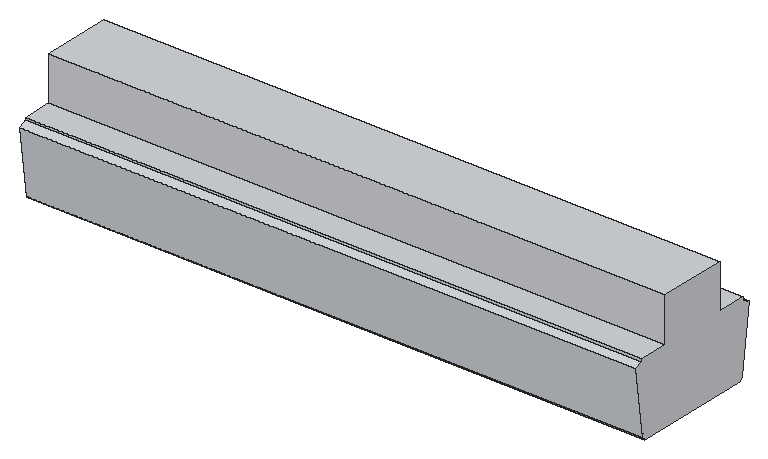
Revit family "KB d=300_Precast-Console Beam_Spæncom", category Structural Framing, Revit 2014
Parameters (values of type "KB48/18")
  Model = "KB48/18"
  Manufacturer = "Spæncom"
  Length [instance] = 3000 mm
  Height element = 480 mm
  Height (bjælkekroppen) = 180 mm
  Width (bjælkekroppen) = 275 mm  # constant formula
  Width console = 150 mm  # constant formula
  Height console = 300 mm  # constant formula
  Base width = 500 mm  # constant formula
Types (10, lengths in mm): name | Model | Height element | Height (bjælkekroppen)
  (no name) | "KB48/18" | 480 | 180
  KB48/18 | "KB48/18" | 480 | 180
  KB52/22 | "KB52/22" | 520 | 220
  KB57/27 | "KB57/27" | 570 | 270
  KB60/30 | "KB60/30" | 600 | 300
  KB62/32 | "KB62/32" | 620 | 320
  KB67/37 | "KB67/37" | 670 | 370
  KB70/40 | "KB70/40" | 700 | 400
  KB80/50 | "KB80/50" | 800 | 500
  KB90/60 | "KB90/60" | 900 | 600
Reference planes
  plane 1 "Center (Front/Back)": y = 0
  plane 2 "Center Elevation": z = 0
  plane 3 "Center (Left/Right)": x = 0
  plane 4 "Left": x = -1500
  plane 5 "Member Left": x = -1250
  plane 6 "Stick Symbol Left": x = -1000
  plane 7 "Right": x = 1500
  plane 8 "Member Right": x = 1250
  plane 9 "Stick Symbol Right": x = 1000
  plane 10: z = 300
  plane 11: through (0, 284.375, 275) normal (0, -0.9923, 0.124)
  plane 12: through (0, -251.24, 9.923) normal (0, 0.9923, 0.124)
  plane 13: y = 137.5
  plane 14: y = -137.5
Forms (mm)
  Extrusion 1, solid
    sketch origin (0, 0, 0) x (0, 1, 0) y (0, 0, 1)
      loop
        line (137.5, 480) -> (-137.5, 480) -> (-137.5, 300) -> (-257.5, 300) -> (-257.5, 290) -> (-284.375, 275) -> (-251.24, 9.923) -> (-240, 0) -> (240, 0) -> (251.24, 9.923) -> (284.375, 275) -> (257.5, 290) -> (257.5, 300) -> (137.5, 300) -> (137.5, 480)
    from -1250 to 1250
Dimensions and locks
  equal spacing: plane 4 "Left", plane 3 "Center (Left/Right)", plane 7 "Right"
  "Length": plane 4 "Left" to plane 7 "Right"
  "Height console": Extrusion 1 to plane 2 "Center Elevation"
  "Height (bjælkekroppen)": Extrusion 1 to Extrusion 1
  "Width console": plane 11 to Extrusion 1
  "Width (bjælkekroppen)": Extrusion 1 to Extrusion 1
  "Width console": Extrusion 1 to plane 12
  "Base width": plane 11 to plane 12
  Extrusion 1 to plane 2 "Center Elevation" = 480 mm
  locked: plane 11 to Extrusion 1 sketch curve at 30
  locked: Extrusion 1 sketch curve to plane 12 at 30
  aligned and locked: level to plane 2 "Center Elevation"
  aligned and locked: Extrusion 1 to plane 8 "Member Right"
  aligned and locked: plane 5 "Member Left" to Extrusion 1
  aligned and locked: Extrusion 1 sketch curve to level
Automatic sketch dimensions
  Extrusion 1 sketch curve to plane 12 = 0 mm  (x2)
  plane 10 to Extrusion 1 sketch curve = 0 mm  (x2)
  Extrusion 1 sketch curve to plane 14 = 0 mm
  Extrusion 1 sketch curve to plane 13 = 0 mm
  Extrusion 1 sketch curve to plane 11 = 0 mm  (x2)
  plane 14 to Extrusion 1 sketch curve = 102.5 mm
  level to Extrusion 1 sketch curve = 9.923 mm  (x2)
  Extrusion 1 sketch curve to plane 13 = 102.5 mm
  plane 10 to Extrusion 1 sketch curve = 25 mm  (x2)
  Extrusion 1 sketch curve to Extrusion 1 sketch curve = 10 mm
  Extrusion 1 sketch curve to plane 10 = 180 mm
  plane 10 to Extrusion 1 sketch curve = 10 mm
